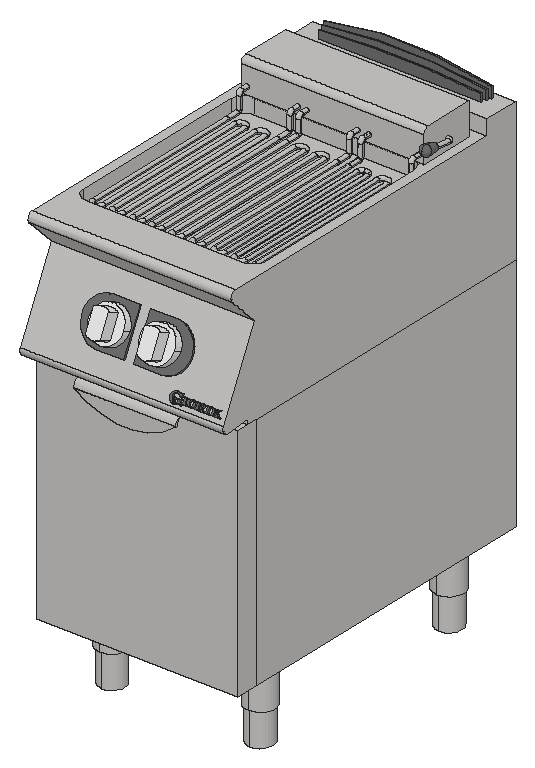
Revit family "QF_GIORIK_GL72GE", category Specialty Equipment, Revit 2014
Parameters (values of type "GL72GE")
  Weight in Pounds = 165.3465
  Watts = 4000 W
  Waste Water Discharge Temperature [instance] = 0 °C
  Volts = 230 V
  URL Cutsheet = "www.giorik.com"
  URL = "www.giorik.com"
  Status [instance] = ""
  Specification by User [instance] = ""
  Specification by Manufacturer = ""
  Show Logo [instance] = yes
  Show Clearance [instance] = yes
  Serial Number = ""
  Seismic Rating = ""
  SMACNA No = ""
  Revision Code [instance] = ""
  Plumbing Remarks [instance] = ""
  Plumbing Connection Type [instance] = ""
  Phase = 3
  Number of Poles [instance] = 3
  NAFEM Spec ID Number = ""
  Model = "GL72GE"
  Min Ckt Ampacity = 0 A
  Max Overcurrent Protection = 0 A
  Masterspec = ""
  Manufacturer = "GIORIK"
  Item Number [instance] = ""
  Installed By [instance] = ""
  Indirect Waste Size = 1 1/4"
  Indirect Waste Flow = 0.0 L/s
  Indirect Waste Connection Type [instance] = ""
  Indirect Waste Connection Height [instance] = 150 mm
  Identify Quantity as Lot [instance] = no
  HP = "5.364080000000"
  Furnished By [instance] = ""
  Foodservice Equipment Identifier [instance] = yes
  FL Amps = 0 A
  Electrical Remarks [instance] = ""
  Electric Connection Type [instance] = ""
  Elec Conn RI Height [instance] = 0 mm
  Elec Conn Connection Height [instance] = 150 mm
  Description = "ELECTRIC STEAMGRILL"
  Cycle = 50 Hz
  Conn Plug = ""
  Conn Conduit [instance] = no
  CSI MasterFormat = ""
  Assembly Code = "E1090320"
  Apparent Power = 4000 VA
Reference planes
  plane 1 "Back": y = 0
  plane 2: z = 0
  plane 3 "Left": x = 0
  plane 4 "Right": x = 400
  plane 5 "Front": y = -720
  plane 6 "Top": z = 900
Forms (mm)
  Extrusion 1, solid, visible <- "Show Logo"
    sketch origin (196.604, -736.761, 609.486) x (-1, 0, 0) y (0, 0.452718, 0.891654)
      loop
        line (-118.824, 58.358) -> (-127.804, 58.358) -> (-125.523, 56.445) -> (-125.523, 48.027) -> (-127.804, 46.113) -> (-118.824, 46.113) -> (-121.105, 48.027) -> (-121.105, 56.445) -> (-118.824, 58.358)
      loop
        line (-163.721, 58.358) -> (-172.7, 58.358) -> (-170.42, 56.445) -> (-170.42, 48.027) -> (-172.7, 46.113) -> (-163.721, 46.113) -> (-166.001, 48.027) -> (-166.001, 56.445) -> (-163.721, 58.358)
      loop
        line (-174.332, 58.358) -> (-183.312, 58.358) -> (-181.031, 56.445) -> (-181.031, 52.435) -> (-186.419, 56.955) -> (-184.416, 58.358) -> (-191.268, 58.358) -> (-188.01, 56.839) -> (-185.455, 54.283) -> (-190.846, 47.858) -> (-193.396, 46.93) -> (-193.396, 46.113) -> (-184.416, 46.113) -> (-185.437, 47.571) -> (-182.443, 51.552) -> (-181.031, 50.894) -> (-181.031, 48.027) -> (-183.312, 46.113) -> (-174.332, 46.113) -> (-176.613, 48.027) -> (-176.613, 56.445) -> (-174.332, 58.358)
      loop
        line (-115.429, 62.063) -> (-115.429, 54.198)
        arc (-115.429, 54.198) -> (-111.618, 57.803) -> (-106.847, 59.986) r 16.039
        arc (-106.847, 59.986) -> (-103.314, 59.837) -> (-100.512, 57.68) r 5.851
        arc (-100.512, 57.68) -> (-98.815, 52.267) -> (-100.512, 46.853) r 9.479
        arc (-100.512, 46.853) -> (-102.406, 44.986) -> (-104.846, 43.93) r 7.236
        arc (-104.846, 43.93) -> (-107.728, 44.111) -> (-110.052, 45.825) r 5.11
        line (-110.052, 45.825) -> (-110.052, 52.001) -> (-116.141, 52.001) -> (-116.141, 45.503) -> (-117.893, 43.751) -> (-114.094, 44.769)
        arc (-114.094, 44.769) -> (-112.56, 44.947) -> (-111.129, 44.366) r 3.115
        arc (-111.129, 44.366) -> (-104.216, 42.091) -> (-97.303, 44.366) r 11.641
        arc (-97.303, 44.366) -> (-93.396, 52.107) -> (-97.303, 59.849) r 9.622
        arc (-97.303, 59.849) -> (-104.369, 62.174) -> (-111.435, 59.849) r 11.898
        line (-111.435, 59.849) -> (-115.429, 62.063)
      loop
        arc (-129.234, 56.068) -> (-135.893, 58.628) -> (-142.552, 56.068) r 9.941
        arc (-142.552, 56.068) -> (-144.234, 52.286) -> (-142.552, 48.505) r 5.093
        arc (-142.552, 48.505) -> (-135.893, 45.945) -> (-129.234, 48.505) r 9.941
        arc (-129.234, 48.505) -> (-127.552, 52.286) -> (-129.234, 56.068) r 5.093
      loop
        arc (-132.628, 54.403) -> (-135.893, 57.668) -> (-139.158, 54.403) r 3.265
        line (-139.158, 54.403) -> (-139.158, 50.169)
        arc (-139.158, 50.169) -> (-135.893, 46.904) -> (-132.628, 50.169) r 3.265
        line (-132.628, 50.169) -> (-132.628, 54.403)
      loop
        arc (-156.363, 58.365) -> (-159.647, 55.081) -> (-156.363, 51.796) r 3.285
        line (-156.363, 51.796) -> (-159.529, 47.306) -> (-162.087, 46.113) -> (-155.847, 46.113) -> (-153.529, 51.083) -> (-150.637, 51.083) -> (-150.637, 47.784) -> (-153.022, 46.113) -> (-144.011, 46.113) -> (-146.094, 47.68) -> (-146.094, 56.493) -> (-144.229, 58.365) -> (-156.363, 58.365)
      loop
        line (-150.637, 57.512) -> (-153.637, 57.512)
        arc (-153.637, 57.512) -> (-156.237, 54.912) -> (-153.637, 52.312) r 2.6
        line (-153.637, 52.312) -> (-150.637, 52.312) -> (-150.637, 57.512)
      loop
        line (-108.924, 52.001) -> (-104.936, 49.005) -> (-100.948, 52.001) -> (-108.924, 52.001)
    from 1.5 to -0.5
  Extrusion 2, solid
    sketch origin (-16, 1025.81, 0) x (1, 0, 0) y (0, 1, 0)
      loop
        line (25, -1086.81) -> (25, -1156.81) -> (115, -1156.81) -> (115, -1086.81) -> (25, -1086.81)
    from 148 to 150
  Extrusion 3, solid
    sketch origin (-4, 0, 130) x (1, 0, 0) y (0, 1, 0)
      loop
        circle (54, -385) r 12.5
    from 0 to 20
  Extrusion 4, solid
    sketch origin (0, 1000, -20) x (0, 1, 0) y (0, 0, 1)
      loop
        line (-1000, 919.988) -> (-1070, 919.988) -> (-1070, 889.988) -> (-1688.806, 889.988)
        arc (-1688.806, 889.988) -> (-1699.151, 883.075) -> (-1696.724, 870.873) r 11.197
        line (-1696.724, 870.873) -> (-1640.876, 815.025) -> (-1718.948, 661.258)
        arc (-1718.948, 661.258) -> (-1718.233, 650.105) -> (-1708.118, 645.354) r 10.981
        line (-1708.118, 645.354) -> (-1660, 649.925) -> (-1660, 640) -> (-1000, 640) -> (-1000, 919.988)
    from 0 to 400
  Extrusion 5, solid
    sketch origin (0, 0, 599.536) x (1, 0, 0) y (0, 1, 0)
      loop
        line (0, -640) -> (40, -640) -> (40, -40) -> (360, -40) -> (360, -640) -> (400, -640) -> (400, 0) -> (0, 0) -> (0, -640)
    from -449.536 to 20.464
  Extrusion 6, solid
    sketch origin (0, 0, 0) x (1, 0, 0) y (0, 1, 0)
      loop
        line (40, -40) -> (40, -640) -> (360, -640) -> (360, -40) -> (40, -40)
    from 150 to 190
  Extrusion 7, solid
    sketch origin (-16, 560.81, 0) x (1, 0, 0) y (0, 1, 0)
      loop
        line (25, -1086.81) -> (25, -1156.81) -> (115, -1156.81) -> (115, -1086.81) -> (25, -1086.81)
    from 148 to 150
  Revolve 8, solid
    sketch origin (54, 560.81, 0) x (0, 1, 0) y (0, 0, 1)
      loop
        line (-1092.56, 66) -> (-1092.56, 148) -> (-1121.81, 148) -> (-1121.81, 0) -> (-1096.81, 0) -> (-1096.81, 66) -> (-1092.56, 66)
      axis (-1121.81, 0) -> (-1121.81, 148)
    angle from 0 to 360
  Revolve 9, solid
    sketch origin (54, 1025.81, 0) x (0, 1, 0) y (0, 0, 1)
      loop
        line (-1092.56, 66) -> (-1092.56, 148) -> (-1121.81, 148) -> (-1121.81, 0) -> (-1096.81, 0) -> (-1096.81, 66) -> (-1092.56, 66)
      axis (-1121.81, 0) -> (-1121.81, 148)
    angle from 0 to 360
  Extrusion 10, solid
    sketch origin (416, 560.81, 0) x (-1, 0, 0) y (0, -1, 0)
      loop
        line (25, 1086.81) -> (115, 1086.81) -> (115, 1156.81) -> (25, 1156.81) -> (25, 1086.81)
    from 148 to 150
  Revolve 11, solid
    sketch origin (346, 560.81, 0) x (0, 1, 0) y (0, 0, -1)
      loop
        line (-1092.56, -66) -> (-1096.81, -66) -> (-1096.81, 0) -> (-1121.81, 0) -> (-1121.81, -148) -> (-1092.56, -148) -> (-1092.56, -66)
      axis (-1121.81, 0) -> (-1121.81, -148)
    angle from 0 to 360
  Extrusion 12, solid
    sketch origin (416, -1217.81, 0) x (-1, 0, 0) y (0, -1, 0)
      loop
        line (25, -1086.81) -> (25, -1156.81) -> (115, -1156.81) -> (115, -1086.81) -> (25, -1086.81)
    from 148 to 150
  Revolve 13, solid
    sketch origin (346, -1217.81, 0) x (0, -1, 0) y (0, 0, 1)
      loop
        line (-1092.56, 66) -> (-1092.56, 148) -> (-1121.81, 148) -> (-1121.81, 0) -> (-1096.81, 0) -> (-1096.81, 66) -> (-1092.56, 66)
      axis (-1121.81, 0) -> (-1121.81, 148)
    angle from 0 to 360
  Extrusion 14, solid
    sketch origin (-273.221, -963.345, 52.363) x (1, 0, 0) y (0, 0.452718, 0.891654)
      loop
        line (463.221, 676.25) -> (463.221, 766.25) -> (409.698, 766.25)
        arc (409.698, 766.25) -> (364.698, 721.25) -> (409.698, 676.25) r 45
        line (409.698, 676.25) -> (463.221, 676.25)
    from 48 to 50
  Extrusion 15, solid
    sketch origin (501.331, -1008.697, 74.959) x (-1, 0, 0) y (0, -0.45351, -0.891251)
      loop
        circle (351.331, -721.346) r 35
    from 0 to 15
  Extrusion 16, solid
    sketch origin (501.331, -1008.697, 74.959) x (-1, 0, 0) y (0, -0.45351, -0.891251)
      loop
        arc (336.331, -743.846) -> (351.331, -748.846) -> (366.331, -743.846) r 25
        line (366.331, -743.846) -> (366.331, -698.846)
        arc (366.331, -698.846) -> (351.331, -693.846) -> (336.331, -698.846) r 25
        line (336.331, -698.846) -> (336.331, -743.846)
    from 15 to 40
  Extrusion 17, solid
    sketch origin (-94, 0, -10.001) x (1, 0, 0) y (0, 0, 1)
      loop
        line (135, 909.989) -> (453, 909.989) -> (453, 925.527) -> (347.056, 931.749) -> (240.944, 931.749) -> (135, 925.527) -> (135, 909.989)
    from 32 to 35
  Extrusion 18, solid
    sketch origin (-92, 10, -10.001) x (1, 0, 0) y (0, 0, 1)
      loop
        line (454, 909.989) -> (454, 928.527) -> (346.162, 939.193) -> (237.838, 939.193) -> (130, 928.527) -> (130, 909.989) -> (454, 909.989)
    from 32 to 35
  Extrusion 19, solid
    sketch origin (-90, 20, -10.001) x (1, 0, 0) y (0, 0, 1)
      loop
        line (455, 909.989) -> (455, 930.527) -> (345.396, 947.413) -> (234.604, 947.413) -> (125, 930.527) -> (125, 909.989) -> (455, 909.989)
    from 32 to 35
  Extrusion 20, void
    sketch origin (0, 0, 819.988) x (0, 1, 0) y (-1, 0, 0)
      loop
        arc (-200, -45) -> (-207.322, -27.322) -> (-225, -20) r 25
        line (-225, -20) -> (-589.698, -20)
        arc (-589.698, -20) -> (-607.375, -27.322) -> (-614.698, -45) r 25
        line (-614.698, -45) -> (-614.698, -355)
        arc (-614.698, -355) -> (-607.375, -372.678) -> (-589.698, -380) r 25
        line (-589.698, -380) -> (-225, -380)
        arc (-225, -380) -> (-207.322, -372.678) -> (-200, -355) r 25
        line (-200, -355) -> (-200, -45)
    from 20 to 50
  Extrusion 21, solid
    sketch origin (464.5, -383, 1848.988) x (0, -1, 0) y (0, 0, 1)
      loop
        line (-293, -915.5) -> (-293, -979) -> (-183, -979) -> (-183, -927.5)
        arc (-183, -927.5) -> (-186.515, -919.015) -> (-195, -915.5) r 12
        line (-195, -915.5) -> (-293, -915.5)
    from 84.5 to 444.5
  Sweep 22, solid
    path origin (-435.5, 1386.369, 650.284) x (0, 0.987688, -0.156434) y (-1, 0, 0)
      loop
        line (-1551.47, -757) -> (-1551.47, -818)
        arc (-1551.47, -818) -> (-1554.162, -824.308) -> (-1560.47, -827) r 9.2
        line (-1560.47, -827) -> (-1595.47, -827)
    profile origin (352, -146, 892.988) x (0, 0.987688, -0.156434) y (0, 0.156434, 0.987688)
      loop
        circle (0, 0) r 4
  Revolve 23, solid
    sketch origin (391.5, 1381.82, -276.578) x (0, 0.987688, -0.156434) y (0, 0.156434, 0.987688)
      loop
        line (-1735.97, 916.293) -> (-1735.97, 923.293)
        arc (-1735.97, 923.293) -> (-1746.353, 925.612) -> (-1756.97, 926.293) r 68.381
        arc (-1756.97, 926.293) -> (-1764.041, 923.364) -> (-1766.97, 916.293) r 10
        line (-1766.97, 916.293) -> (-1735.97, 916.293)
      axis (-1735.97, 916.293) -> (-1766.97, 916.293)
    angle from 0 to 360
  Sweep 24, solid
    path origin (31.228, 1252.908, 69.791) x (0, 1, 0) y (0, 0, 1)
      loop
        line (-1452.907, 815) -> (-1467.907, 815)
        arc (-1467.907, 815) -> (-1471.443, 813.536) -> (-1472.907, 810) r 5
        line (-1472.907, 810) -> (-1472.907, 785)
        arc (-1472.907, 785) -> (-1474.372, 781.464) -> (-1477.907, 780) r 5
        line (-1477.907, 780) -> (-1502.907, 780)
    profile origin (31.228, -207.5, 884.791) x (0, 0, -1) y (1, 0, 0)
      loop
        circle (0, 0) r 4
  Sweep 25, solid
    path origin (-1298.25, 1146.628, 849.791) x (0, 1, 0) y (-1, 0, 0)
      loop
        line (-1396.628, -1329.478) -> (-1726.628, -1329.478)
        arc (-1726.628, -1329.478) -> (-1736.628, -1339.478) -> (-1726.628, -1349.478) r 10
        line (-1726.628, -1349.478) -> (-1401.628, -1349.478)
        arc (-1401.628, -1349.478) -> (-1391.628, -1359.478) -> (-1401.628, -1369.478) r 10
        line (-1401.628, -1369.478) -> (-1726.628, -1369.478)
        arc (-1726.628, -1369.478) -> (-1736.628, -1379.478) -> (-1726.628, -1389.478) r 10
        line (-1726.628, -1389.478) -> (-1401.628, -1389.478)
        arc (-1401.628, -1389.478) -> (-1391.628, -1399.478) -> (-1401.628, -1409.478) r 10
        line (-1401.628, -1409.478) -> (-1726.628, -1409.478)
        arc (-1726.628, -1409.478) -> (-1736.628, -1419.478) -> (-1726.628, -1429.478) r 10
        line (-1726.628, -1429.478) -> (-1396.628, -1429.478)
    profile origin (31.228, -415, 849.791) x (1, 0, 0) y (0, 0, 1)
      loop
        circle (0, 0) r 4
  Sweep 26, solid
    path origin (131.228, 1252.908, 69.791) x (0, 1, 0) y (0, 0, 1)
      loop
        line (-1452.907, 815) -> (-1467.907, 815)
        arc (-1467.907, 815) -> (-1471.443, 813.536) -> (-1472.907, 810) r 5
        line (-1472.907, 810) -> (-1472.907, 785)
        arc (-1472.907, 785) -> (-1474.372, 781.464) -> (-1477.907, 780) r 5
        line (-1477.907, 780) -> (-1502.907, 780)
    profile origin (131.228, -207.5, 884.791) x (0, 0, -1) y (1, 0, 0)
      loop
        circle (0, 0) r 4
  Sweep 27, solid
    path origin (248.772, 1252.908, 69.791) x (0, 1, 0) y (0, 0, -1)
      loop
        line (-1452.907, -815) -> (-1467.907, -815)
        arc (-1467.907, -815) -> (-1471.443, -813.536) -> (-1472.907, -810) r 5
        line (-1472.907, -810) -> (-1472.907, -785)
        arc (-1472.907, -785) -> (-1474.372, -781.464) -> (-1477.907, -780) r 5
        line (-1477.907, -780) -> (-1502.907, -780)
    profile origin (248.772, -207.5, 884.791) x (0, 0, 1) y (-1, 0, 0)
      loop
        circle (0, 0) r 4
  Sweep 28, solid
    path origin (1578.25, 1146.628, 849.791) x (0, 1, 0) y (-1, 0, 0)
      loop
        line (-1396.628, 1329.478) -> (-1726.628, 1329.478)
        arc (-1726.628, 1329.478) -> (-1736.628, 1339.478) -> (-1726.628, 1349.478) r 10
        line (-1726.628, 1349.478) -> (-1401.628, 1349.478)
        arc (-1401.628, 1349.478) -> (-1391.628, 1359.478) -> (-1401.628, 1369.478) r 10
        line (-1401.628, 1369.478) -> (-1726.628, 1369.478)
        arc (-1726.628, 1369.478) -> (-1736.628, 1379.478) -> (-1726.628, 1389.478) r 10
        line (-1726.628, 1389.478) -> (-1401.628, 1389.478)
        arc (-1401.628, 1389.478) -> (-1391.628, 1399.478) -> (-1401.628, 1409.478) r 10
        line (-1401.628, 1409.478) -> (-1726.628, 1409.478)
        arc (-1726.628, 1409.478) -> (-1736.628, 1419.478) -> (-1726.628, 1429.478) r 10
        line (-1726.628, 1429.478) -> (-1396.628, 1429.478)
    profile origin (248.772, -415, 849.791) x (1, 0, 0) y (0, 0, 1)
      loop
        circle (0, 0) r 4
  Sweep 29, solid
    path origin (148.772, 1252.908, 69.791) x (0, 1, 0) y (0, 0, -1)
      loop
        line (-1452.907, -815) -> (-1467.907, -815)
        arc (-1467.907, -815) -> (-1471.443, -813.536) -> (-1472.907, -810) r 5
        line (-1472.907, -810) -> (-1472.907, -785)
        arc (-1472.907, -785) -> (-1474.372, -781.464) -> (-1477.907, -780) r 5
        line (-1477.907, -780) -> (-1502.907, -780)
    profile origin (148.772, -207.5, 884.791) x (0, 0, 1) y (-1, 0, 0)
      loop
        circle (0, 0) r 4
  Sweep 30, solid
    path origin (271.228, 1252.908, 69.791) x (0, 1, 0) y (0, 0, 1)
      loop
        line (-1452.907, 815) -> (-1467.907, 815)
        arc (-1467.907, 815) -> (-1471.443, 813.536) -> (-1472.907, 810) r 5
        line (-1472.907, 810) -> (-1472.907, 785)
        arc (-1472.907, 785) -> (-1474.372, 781.464) -> (-1477.907, 780) r 5
        line (-1477.907, 780) -> (-1502.907, 780)
    profile origin (271.228, -207.5, 884.791) x (0, 0, -1) y (1, 0, 0)
      loop
        circle (0, 0) r 4
  Sweep 31, solid
    path origin (-1058.25, 1146.628, 849.791) x (0, 1, 0) y (-1, 0, 0)
      loop
        line (-1396.628, -1329.478) -> (-1726.628, -1329.478)
        arc (-1726.628, -1329.478) -> (-1736.628, -1339.478) -> (-1726.628, -1349.478) r 10
        line (-1726.628, -1349.478) -> (-1401.628, -1349.478)
        arc (-1401.628, -1349.478) -> (-1391.628, -1359.478) -> (-1401.628, -1369.478) r 10
        line (-1401.628, -1369.478) -> (-1726.628, -1369.478)
        arc (-1726.628, -1369.478) -> (-1736.628, -1379.478) -> (-1726.628, -1389.478) r 10
        line (-1726.628, -1389.478) -> (-1401.628, -1389.478)
        arc (-1401.628, -1389.478) -> (-1391.628, -1399.478) -> (-1401.628, -1409.478) r 10
        line (-1401.628, -1409.478) -> (-1726.628, -1409.478)
        arc (-1726.628, -1409.478) -> (-1736.628, -1419.478) -> (-1726.628, -1429.478) r 10
        line (-1726.628, -1429.478) -> (-1396.628, -1429.478)
    profile origin (271.228, -415, 849.791) x (1, 0, 0) y (0, 0, 1)
      loop
        circle (0, 0) r 4
  Sweep 32, solid
    path origin (371.228, 1252.908, 69.791) x (0, 1, 0) y (0, 0, 1)
      loop
        line (-1452.907, 815) -> (-1467.907, 815)
        arc (-1467.907, 815) -> (-1471.443, 813.536) -> (-1472.907, 810) r 5
        line (-1472.907, 810) -> (-1472.907, 785)
        arc (-1472.907, 785) -> (-1474.372, 781.464) -> (-1477.907, 780) r 5
        line (-1477.907, 780) -> (-1502.907, 780)
    profile origin (371.228, -207.5, 884.791) x (0, 0, -1) y (1, 0, 0)
      loop
        circle (0, 0) r 4
  Extrusion 33, solid
    sketch origin (673.221, -963.345, 52.363) x (-1, 0, 0) y (0, -0.452718, -0.891654)
      loop
        line (463.221, -676.25) -> (409.698, -676.25)
        arc (409.698, -676.25) -> (364.698, -721.25) -> (409.698, -766.25) r 45
        line (409.698, -766.25) -> (463.221, -766.25) -> (463.221, -676.25)
    from 48 to 50
  Extrusion 34, solid
    sketch origin (-101.331, -1008.697, 74.959) x (1, 0, 0) y (0, 0.45351, 0.891251)
      loop
        circle (351.331, 721.346) r 35
    from 0 to 15
  Extrusion 35, solid
    sketch origin (-101.331, -1008.697, 74.959) x (1, 0, 0) y (0, 0.45351, 0.891251)
      loop
        line (336.331, 743.846) -> (336.331, 698.846)
        arc (336.331, 698.846) -> (351.331, 693.846) -> (366.331, 698.846) r 25
        line (366.331, 698.846) -> (366.331, 743.846)
        arc (366.331, 743.846) -> (351.331, 748.846) -> (336.331, 743.846) r 25
    from 15 to 40
  Extrusion 36, solid
    sketch origin (0, 0, 100) x (0, 1, 0) y (-1, 0, 0)
      loop
        circle (-195, -350) r 16
    from 30 to 50
  Extrusion 37, solid
    sketch origin (5, -725, 0) x (1, 0, 0) y (0, 0, 1)
      loop
        line (0, 620) -> (0, 150) -> (395, 150) -> (395, 620) -> (0, 620)
    from -85 to -40
  Extrusion 38, solid
    sketch origin (5, -725, -20.1) x (0, 1, 0) y (0, 0, 1)
      loop
        arc (25, 640.1) -> (14.393, 635.707) -> (10, 625.1) r 15
        line (10, 625.1) -> (12, 625.1)
        arc (12, 625.1) -> (15.808, 634.292) -> (25, 638.1) r 13
        line (25, 638.1) -> (40, 638.1) -> (40, 640.1) -> (25, 640.1)
    from 97.5 to 297.5
  Extrusion 39, solid
    sketch origin (5, -724.905, -20.1) x (1, 0, 0) y (0, 0, 1)
      loop
        arc (97.5, 625.1) -> (197.5, 590.089) -> (297.5, 625.1) r 160.316
        line (297.5, 625.1) -> (97.5, 625.1)
    from -11.905 to -9.905
  Extrusion 40, solid, visible <- "Show Clearance", detail levels coarse
    sketch origin (400, -725, 0) x (-1, 0, 0) y (0, -1, 0)
      loop
        line (0, -40) -> (395, -40)
        arc (395, -40) -> (279.307, 239.307) -> (0, 355) r 395
        line (0, 355) -> (0, -40)
    from 150 to 620
  Sweep 41, solid
    path origin (148.772, 1252.908, 69.791) x (0, 1, 0) y (0, 0, 1)
      loop
        line (-1452.907, 815) -> (-1467.907, 815)
        arc (-1467.907, 815) -> (-1471.443, 813.536) -> (-1472.907, 810) r 5
        line (-1472.907, 810) -> (-1472.907, 785)
        arc (-1472.907, 785) -> (-1474.372, 781.464) -> (-1477.907, 780) r 5
        line (-1477.907, 780) -> (-1502.907, 780)
    profile origin (148.772, -207.5, 884.791) x (0, 0, -1) y (1, 0, 0)
      loop
        circle (0, 0) r 4
  Sweep 42, solid
    path origin (-1180.705, 1146.628, 849.791) x (0, 1, 0) y (-1, 0, 0)
      loop
        line (-1396.628, -1329.478) -> (-1726.628, -1329.478)
        arc (-1726.628, -1329.478) -> (-1736.628, -1339.478) -> (-1726.628, -1349.478) r 10
        line (-1726.628, -1349.478) -> (-1401.628, -1349.478)
        arc (-1401.628, -1349.478) -> (-1391.628, -1359.478) -> (-1401.628, -1369.478) r 10
        line (-1401.628, -1369.478) -> (-1726.628, -1369.478)
        arc (-1726.628, -1369.478) -> (-1736.628, -1379.478) -> (-1726.628, -1389.478) r 10
        line (-1726.628, -1389.478) -> (-1401.628, -1389.478)
        arc (-1401.628, -1389.478) -> (-1391.628, -1399.478) -> (-1401.628, -1409.478) r 10
        line (-1401.628, -1409.478) -> (-1726.628, -1409.478)
        arc (-1726.628, -1409.478) -> (-1736.628, -1419.478) -> (-1726.628, -1429.478) r 10
        line (-1726.628, -1429.478) -> (-1396.628, -1429.478)
    profile origin (148.772, -415, 849.791) x (1, 0, 0) y (0, 0, 1)
      loop
        circle (0, 0) r 4
  Sweep 43, solid
    path origin (248.772, 1252.908, 69.791) x (0, 1, 0) y (0, 0, 1)
      loop
        line (-1452.907, 815) -> (-1467.907, 815)
        arc (-1467.907, 815) -> (-1471.443, 813.536) -> (-1472.907, 810) r 5
        line (-1472.907, 810) -> (-1472.907, 785)
        arc (-1472.907, 785) -> (-1474.372, 781.464) -> (-1477.907, 780) r 5
        line (-1477.907, 780) -> (-1502.907, 780)
    profile origin (248.772, -207.5, 884.791) x (0, 0, -1) y (1, 0, 0)
      loop
        circle (0, 0) r 4
  Sweep 44, solid
    path origin (271.206, 1252.908, 69.791) x (0, 1, 0) y (0, 0, 1)
      loop
        line (-1452.907, 815) -> (-1467.907, 815)
        arc (-1467.907, 815) -> (-1471.443, 813.536) -> (-1472.907, 810) r 5
        line (-1472.907, 810) -> (-1472.907, 785)
        arc (-1472.907, 785) -> (-1474.372, 781.464) -> (-1477.907, 780) r 5
        line (-1477.907, 780) -> (-1502.907, 780)
    profile origin (271.206, -207.5, 884.791) x (0, 0, -1) y (1, 0, 0)
      loop
        circle (0, 0) r 4
  Sweep 45, solid
    path origin (-1058.272, 1146.628, 849.791) x (0, 1, 0) y (-1, 0, 0)
      loop
        line (-1396.628, -1329.478) -> (-1726.628, -1329.478)
        arc (-1726.628, -1329.478) -> (-1736.628, -1339.478) -> (-1726.628, -1349.478) r 10
        line (-1726.628, -1349.478) -> (-1401.628, -1349.478)
        arc (-1401.628, -1349.478) -> (-1391.628, -1359.478) -> (-1401.628, -1369.478) r 10
        line (-1401.628, -1369.478) -> (-1726.628, -1369.478)
        arc (-1726.628, -1369.478) -> (-1736.628, -1379.478) -> (-1726.628, -1389.478) r 10
        line (-1726.628, -1389.478) -> (-1401.628, -1389.478)
        arc (-1401.628, -1389.478) -> (-1391.628, -1399.478) -> (-1401.628, -1409.478) r 10
        line (-1401.628, -1409.478) -> (-1726.628, -1409.478)
        arc (-1726.628, -1409.478) -> (-1736.628, -1419.478) -> (-1726.628, -1429.478) r 10
        line (-1726.628, -1429.478) -> (-1396.628, -1429.478)
    profile origin (271.206, -415, 849.791) x (1, 0, 0) y (0, 0, 1)
      loop
        circle (0, 0) r 4
  Sweep 46, solid
    path origin (371.206, 1252.908, 69.791) x (0, 1, 0) y (0, 0, 1)
      loop
        line (-1452.907, 815) -> (-1467.907, 815)
        arc (-1467.907, 815) -> (-1471.443, 813.536) -> (-1472.907, 810) r 5
        line (-1472.907, 810) -> (-1472.907, 785)
        arc (-1472.907, 785) -> (-1474.372, 781.464) -> (-1477.907, 780) r 5
        line (-1477.907, 780) -> (-1502.907, 780)
    profile origin (371.206, -207.5, 884.791) x (0, 0, -1) y (1, 0, 0)
      loop
        circle (0, 0) r 4
Cuts and joins
  Extrusion 20 cuts Extrusion 4
Lines and regions (mm)
  symbolic lines, style "200-EquipBorder-2D"
    curve 1: line (0, -720, 0) -> (400, -720, 0)
    curve 2: line (400, -720, 0) -> (400, 0, 0)
    curve 3: line (400, 0, 0) -> (0, 0, 0)
    curve 4: line (0, 0, 0) -> (0, -720, 0)
  symbolic lines, style "200-EquipInternal-2D"
    curve 5: line (0, -70, 900) -> (400, -70, 900)
    curve 6: line (35, -12, 900) -> (365, -12, 900)
    curve 7: line (365, -12, 900) -> (365, -15, 900)
    curve 8: line (365, -15, 900) -> (35, -15, 900)
    curve 9: line (35, -15, 900) -> (35, -12, 900)
    curve 10: line (38, -22, 900) -> (362, -22, 900)
    curve 11: line (362, -22, 900) -> (362, -25, 900)
    curve 12: line (362, -25, 900) -> (38, -25, 900)
    curve 13: line (38, -25, 900) -> (38, -22, 900)
    curve 14: line (41, -32, 900) -> (359, -32, 900)
    curve 15: line (359, -32, 900) -> (359, -35, 900)
    curve 16: line (359, -35, 900) -> (41, -35, 900)
    curve 17: line (41, -35, 900) -> (41, -32, 900)
    curve 20: line (27.198, -200, 900) -> (27.198, -580, 900)
    curve 21: arc (27.198, -580, 900) -> (41.221, -594.023, 900) -> (55.244, -580, 900) r 14.023
    curve 22: line (55.244, -580, 900) -> (55.244, -255, 900)
    curve 23: arc (55.244, -255, 900) -> (61.198, -249.046, 900) -> (67.153, -255, 900) r 5.954
    curve 24: line (67.153, -255, 900) -> (67.153, -580, 900)
    curve 25: arc (67.153, -580, 900) -> (81.174, -594.021, 900) -> (95.195, -580, 900) r 14.021
    curve 26: line (95.195, -580, 900) -> (95.195, -255, 900)
    curve 27: arc (95.195, -255, 900) -> (101.209, -248.986, 900) -> (107.222, -255, 900) r 6.013
    curve 28: line (107.222, -255, 900) -> (107.222, -580, 900)
    curve 29: arc (107.222, -580, 900) -> (121.236, -594.014, 900) -> (135.25, -580, 900) r 14.014
    curve 30: line (135.25, -580, 900) -> (135.25, -200, 900)
    curve 31: line (127.255, -200, 900) -> (127.255, -580, 900)
    curve 32: line (115.195, -580, 900) -> (115.195, -255, 900)
    curve 33: arc (115.195, -255, 900) -> (101.212, -241.017, 900) -> (87.229, -255, 900) r 13.983
    curve 34: line (87.229, -255, 900) -> (87.229, -580, 900)
    curve 35: arc (87.229, -580, 900) -> (81.208, -586.021, 900) -> (75.187, -580, 900) r 6.021
    curve 36: line (75.187, -580, 900) -> (75.187, -255, 900)
    curve 37: arc (75.187, -255, 900) -> (61.225, -241.039, 900) -> (47.264, -255, 900) r 13.961
    curve 38: line (47.264, -255, 900) -> (47.264, -580, 900)
    curve 39: arc (47.264, -580, 900) -> (41.247, -586.017, 900) -> (35.229, -580, 900) r 6.017
    curve 40: line (35.229, -580, 900) -> (35.229, -200, 900)
    curve 41: arc (27.198, -207.448, 900) -> (21.869, -215.515, 900) -> (20, -225, 900) r 25
    curve 42: arc (35.229, -201.988, 900) -> (39.683, -200.606, 900) -> (44.307, -200, 900) r 27.373
    curve 43: arc (355.524, -200, 900) -> (361.575, -200.879, 900) -> (367.233, -203.197, 900) r 25.066
    curve 44: arc (375.228, -210.308, 900) -> (378.777, -217.276, 900) -> (380, -225, 900) r 25
    curve 45: line (144.742, -200, 900) -> (144.742, -580, 900)
    curve 46: arc (144.742, -580, 900) -> (158.766, -594.023, 900) -> (172.789, -580, 900) r 14.023
    curve 47: line (172.789, -580, 900) -> (172.789, -255, 900)
    curve 48: arc (172.789, -255, 900) -> (178.743, -249.046, 900) -> (184.697, -255, 900) r 5.954
    curve 49: line (184.697, -255, 900) -> (184.697, -580, 900)
    curve 50: arc (184.697, -580, 900) -> (198.719, -594.021, 900) -> (212.74, -580, 900) r 14.021
    curve 51: line (212.74, -580, 900) -> (212.74, -255, 900)
    curve 52: arc (212.74, -255, 900) -> (218.753, -248.986, 900) -> (224.767, -255, 900) r 6.013
    curve 53: line (224.767, -255, 900) -> (224.767, -580, 900)
    curve 54: arc (224.767, -580, 900) -> (238.781, -594.014, 900) -> (252.794, -580, 900) r 14.014
    curve 55: line (252.794, -580, 900) -> (252.794, -200, 900)
    curve 56: line (244.8, -200, 900) -> (244.8, -580, 900)
    curve 57: line (232.74, -580, 900) -> (232.74, -255, 900)
    curve 58: arc (232.74, -255, 900) -> (218.757, -241.017, 900) -> (204.774, -255, 900) r 13.983
    curve 59: line (204.774, -255, 900) -> (204.774, -580, 900)
    curve 60: arc (204.774, -580, 900) -> (198.753, -586.021, 900) -> (192.731, -580, 900) r 6.021
    curve 61: line (192.731, -580, 900) -> (192.731, -255, 900)
    curve 62: arc (192.731, -255, 900) -> (178.77, -241.039, 900) -> (164.809, -255, 900) r 13.961
    curve 63: line (164.809, -255, 900) -> (164.809, -580, 900)
    curve 64: arc (164.809, -580, 900) -> (158.791, -586.017, 900) -> (152.774, -580, 900) r 6.017
    curve 65: line (152.774, -580, 900) -> (152.774, -200, 900)
    curve 66: line (267.176, -200, 900) -> (267.176, -580, 900)
    curve 67: arc (267.176, -580, 900) -> (281.199, -594.023, 900) -> (295.222, -580, 900) r 14.023
    curve 68: line (295.222, -580, 900) -> (295.222, -255, 900)
    curve 69: arc (295.222, -255, 900) -> (301.176, -249.046, 900) -> (307.131, -255, 900) r 5.954
    curve 70: line (307.131, -255, 900) -> (307.131, -580, 900)
    curve 71: arc (307.131, -580, 900) -> (321.152, -594.021, 900) -> (335.173, -580, 900) r 14.021
    curve 72: line (335.173, -580, 900) -> (335.173, -255, 900)
    curve 73: arc (335.173, -255, 900) -> (341.186, -248.986, 900) -> (347.2, -255, 900) r 6.013
    curve 74: line (347.2, -255, 900) -> (347.2, -580, 900)
    curve 75: arc (347.2, -580, 900) -> (361.214, -594.014, 900) -> (375.228, -580, 900) r 14.014
    curve 76: line (375.228, -580, 900) -> (375.228, -200, 900)
    curve 77: line (367.233, -200, 900) -> (367.233, -580, 900)
    curve 78: line (355.173, -580, 900) -> (355.173, -255, 900)
    curve 79: arc (355.173, -255, 900) -> (341.19, -241.017, 900) -> (327.207, -255, 900) r 13.983
    curve 80: line (327.207, -255, 900) -> (327.207, -580, 900)
    curve 81: arc (327.207, -580, 900) -> (321.186, -586.021, 900) -> (315.165, -580, 900) r 6.021
    curve 82: line (315.165, -580, 900) -> (315.165, -255, 900)
    curve 83: arc (315.165, -255, 900) -> (301.203, -241.039, 900) -> (287.242, -255, 900) r 13.961
    curve 84: line (287.242, -255, 900) -> (287.242, -580, 900)
    curve 85: arc (287.242, -580, 900) -> (281.224, -586.017, 900) -> (275.207, -580, 900) r 6.017
    curve 86: line (275.207, -580, 900) -> (275.207, -200, 900)
    curve 87: line (45, -614.698, 900) -> (355, -614.698, 900)
    curve 88: arc (115.195, -580, 900) -> (121.225, -586.03, 900) -> (127.255, -580, 900) r 6.03
    curve 89: arc (232.74, -580, 900) -> (238.77, -586.03, 900) -> (244.8, -580, 900) r 6.03
    curve 90: arc (367.233, -580, 900) -> (361.203, -586.03, 900) -> (355.173, -580, 900) r 6.03
    curve 91: arc (355, -614.698, 900) -> (372.678, -607.375, 900) -> (380, -589.698, 900) r 25
    curve 92: arc (45, -614.698, 900) -> (27.322, -607.375, 900) -> (20, -589.698, 900) r 25
    curve 93: line (20, -589.698, 900) -> (20, -225, 900)
    curve 94: line (380, -225, 900) -> (380, -589.698, 900)
    curve 95: line (20, -200, 900) -> (20, -90, 900)
    curve 96: line (20, -90, 900) -> (380, -90, 900)
    curve 97: line (380, -90, 900) -> (380, -200, 900)
    curve 98: line (380, -200, 900) -> (20, -200, 900)
    curve 99: line (380, -142, 900) -> (382.536, -142, 900)
    curve 100: line (380, -149.982, 900) -> (382.404, -149.982, 900)
    curve 101: line (387.501, -155.079, 900) -> (387.501, -188.518, 900)
    curve 102: line (395.499, -154.963, 900) -> (395.499, -188.518, 900)
    curve 103: arc (382.404, -149.982, 900) -> (386.008, -151.475, 900) -> (387.501, -155.079, 900) r 5.097
    curve 104: arc (382.536, -142, 900) -> (391.702, -145.797, 900) -> (395.499, -154.963, 900) r 12.963
    curve 105: arc (381.533, -210.204, 900) -> (391.533, -220.204, 900) -> (401.533, -210.204, 900) r 10
    curve 106: arc (401.533, -210.204, 900) -> (400.804, -199.779, 900) -> (398.631, -189.557, 900) r 74.904
    curve 107: arc (384.461, -189.443, 900) -> (382.269, -199.721, 900) -> (381.533, -210.204, 900) r 75.072
    curve 108: arc (395.499, -188.518, 900) -> (397.163, -188.743, 900) -> (398.631, -189.557, 900) r 4.546
    curve 109: arc (387.501, -188.518, 900) -> (385.891, -188.685, 900) -> (384.461, -189.443, 900) r 4.244
  symbolic lines, style "QF_Door-Drawer Clearances", visible <- "Show Clearance", detail levels coarse
    curve 18: arc (400, -1080, 0) -> (133.354, -976.419, 0) -> (6.554, -720, 0) r 395
    curve 19: line (400, -720, 0) -> (400, -1080, 0)
Dimensions and locks
  plane 3 "Left" to plane 4 "Right" = 400 mm
  plane 5 "Front" to plane 1 "Back" = 720 mm
  plane 4 "Right" to plane 3 "Left" = 400 mm
  plane 1 "Back" to plane 5 "Front" = 720 mm
  plane 6 "Top" to level = 900 mm  (x2)
  aligned and locked: level to plane 2
Connectors
  piping at (350, -195, 130), diameter 31.75, driven by "Indirect Waste Size", driven by "Indirect Waste Flow"
    settings: on Extrusion 36, index 2, connector inside diameter 24", connector length 0 mm, flow factor 0, pipe flow 0.0 L/s, pressure drop 0.0 Pa, fitting loss kfactor 0, connector angle 0.00°, fixture units 0, engagement length 0 mm, angle of deflection 0.00°, flow configuration 1, flow direction 2, fitting loss method 0, system type 16, joint type 0, gender type 0, connector reference index -1, connector utility 0, adjustable connector no, is connector primary yes, connector description "Drain connection"
  electrical at (50, -385, 130), driven by "Apparent Power", driven by "Volts", driven by "Number of Poles"
    settings: on Extrusion 3, index 3, voltage 230 V, apparent load 0 VA, apparent load phase1 4000 VA, apparent load phase2 0 VA, apparent load phase3 0 VA, power factor 1, load classification "Other", number of poles 3, system type 31, power factor state 1, is connector primary yes, connector utility no, sub classification motor no, connector description "Electric connection"
